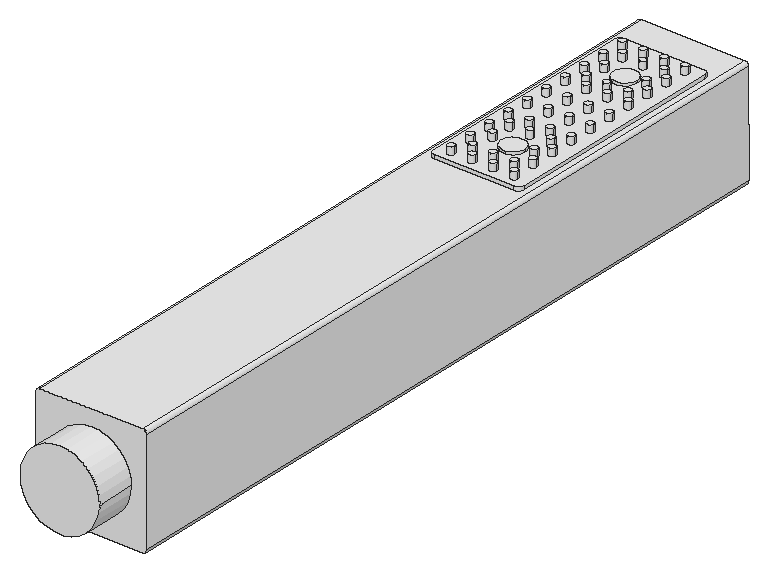
Revit family "Deca_Ducha Manual Quadrada_4806.C.QUA", category Plumbing Fixtures, host Face, Revit 2010
Parameters (values of type "4806.C.QUA_Cromado CR10")
  WFU = 0
  Vendido Separadamente = ""
  Variações de COR = "Cromado (4806.C.QUA)"  # constant formula
  URL = "www.deca.com.br/produtos"
  Segmento = "Luxo"  # constant formula
  Raio Ponto de Agua = 7.5 mm  # constant formula
  Produto = "Ducha manual Quadrada"  # constant formula
  Pressão = "2 a 40 mca"  # constant formula
  Peso Liquido (Kg) = 0.21
  Norma = "ABNT NBR 15206:2005"  # constant formula
  Model = Código  # "4806.C.QUA"
  Material = "Deca_Latão Cromado e Plástico de Engenharia"  # constant formula
  Manufacturer = "Deca"  # constant formula
  Louça/Metais = "Metal"  # constant formula
  Linha = "Quadrada"  # constant formula
  Informações Complementares = "Recomendável com pressão mínima de 4 m.c.a para aquecedor de passagem e de 2 m.c.a. para aquecedor de acumulação"  # constant formula
  HWFU = 0
  Flow Pressure = 0.00 psi
  Ducha Manual = Deca CR10 Cromado Metal
  Diâmetro Ponto de Agua = Raio Ponto de Agua * 2  # 15 mm
  Description = "Ducha  manual"  # constant formula
  Default Elevation = 2000 mm
  Código = "4806.C.QUA"
  Criado por = "Contino/quattroD"  # constant formula
  Consumo = "Varia com a pressão (consultar catálogo)"  # constant formula
  Atendimento ao Cliente = "0800-0117073"  # constant formula
  Assembly Code = "D2010700"
  Aprovado por = "Contino/quattroD"  # constant formula
  Acompanha o Produto = ""
Reference planes
  plane 1 "Center (Front/Back)": y = 0
  plane 2: z = 0
  plane 3 "Center (Left/Right)": x = 0
  plane 4 "Right 1": x = 14
  plane 5 "Left 1": x = -14
  plane 6 "Front 2": z = 80.125
  plane 7 "Top 1": y = 130.87
  plane 8 "Top 2": y = 200
  plane 9 "Front 1": z = 49.625
Forms (mm)
  Extrusion 1, solid, material "Deca CR10 Cromado Metal" <- "Ducha Manual"
    sketch origin (0, 0, 0) x (1, 0, 0) y (0, 0, 1)
      loop
        line (-14, 76.625) -> (-14, 50.625)
        arc (-14, 50.625) -> (-13.707, 49.918) -> (-13, 49.625) r 1
        line (-13, 49.625) -> (13, 49.625)
        arc (13, 49.625) -> (13.707, 49.918) -> (14, 50.625) r 1
        line (14, 50.625) -> (14, 76.625)
        arc (14, 76.625) -> (13.707, 77.332) -> (13, 77.625) r 1
        line (13, 77.625) -> (-13, 77.625)
        arc (-13, 77.625) -> (-13.707, 77.332) -> (-14, 76.625) r 1
    from -200 to -10
  Extrusion 2, solid, material "Deca CR10 Cromado Metal" <- "Ducha Manual"
    sketch origin (0, 0, 0) x (1, 0, 0) y (0, 0, 1)
      loop
        circle (0, 63.625) r 10
    from -10 to 0
  Extrusion 3, solid, material "Deca CR10 Cromado Metal" <- "Ducha Manual"
    sketch origin (0, 0, 0) x (1, 0, 0) y (0, 1, 0)
      loop
        arc (-10, 190.87) -> (-11.061, 190.431) -> (-11.5, 189.37) r 1.5
        line (-11.5, 189.37) -> (-11.5, 132.37)
        arc (-11.5, 132.37) -> (-11.061, 131.309) -> (-10, 130.87) r 1.5
        line (-10, 130.87) -> (10, 130.87)
        arc (10, 130.87) -> (11.061, 131.309) -> (11.5, 132.37) r 1.5
        line (11.5, 132.37) -> (11.5, 189.37)
        arc (11.5, 189.37) -> (11.061, 190.431) -> (10, 190.87) r 1.5
        line (10, 190.87) -> (-10, 190.87)
    from 77.625 to 78.425
  Extrusion 4, solid, material "Deca CR10 Cromado Metal" <- "Ducha Manual"
    sketch origin (0, 0, 0) x (1, 0, 0) y (0, 1, 0)
      loop
        circle (0, 143.155) r 3
      loop
        circle (0, 178.585) r 3
    from 78.425 to 78.936
  Extrusion 5, solid, material "Deca CR10 Cromado Metal" <- "Ducha Manual"
    sketch origin (0.02, 0, 0) x (1, 0, 0) y (0, 1, 0)
      loop
        circle (-8.093, 187.759) r 0.855
      loop
        circle (-2.793, 187.759) r 0.855
      loop
        circle (2.507, 187.759) r 0.855
      loop
        circle (7.807, 187.759) r 0.855
      loop
        circle (-8.093, 181.759) r 0.855
      loop
        circle (7.807, 181.759) r 0.855
      loop
        circle (-8.093, 175.759) r 0.855
      loop
        circle (7.807, 175.759) r 0.855
      loop
        circle (-8.093, 169.759) r 0.855
      loop
        circle (-2.793, 169.759) r 0.855
      loop
        circle (2.507, 169.759) r 0.855
      loop
        circle (7.807, 169.759) r 0.855
      loop
        circle (-8.093, 163.759) r 0.855
      loop
        circle (-2.793, 163.759) r 0.855
      loop
        circle (2.507, 163.759) r 0.855
      loop
        circle (7.807, 163.759) r 0.855
      loop
        circle (-8.093, 157.759) r 0.855
      loop
        circle (-2.793, 157.759) r 0.855
      loop
        circle (2.507, 157.759) r 0.855
      loop
        circle (7.807, 157.759) r 0.855
      loop
        circle (-8.093, 151.759) r 0.855
      loop
        circle (-2.793, 151.759) r 0.855
      loop
        circle (2.507, 151.759) r 0.855
      loop
        circle (7.807, 151.759) r 0.855
      loop
        circle (-8.093, 145.759) r 0.855
      loop
        circle (7.807, 145.759) r 0.855
      loop
        circle (-8.093, 139.759) r 0.855
      loop
        circle (7.807, 139.759) r 0.855
      loop
        circle (-8.093, 133.729) r 0.855
      loop
        circle (-2.793, 133.729) r 0.855
      loop
        circle (2.507, 133.729) r 0.855
      loop
        circle (7.807, 133.729) r 0.855
      loop
        circle (-5.223, 184.215) r 0.855
      loop
        circle (-0.019, 184.215) r 0.855
      loop
        circle (5.321, 184.215) r 0.855
      loop
        circle (-5.223, 178.593) r 0.855
      loop
        circle (5.321, 178.593) r 0.855
      loop
        circle (-5.223, 172.814) r 0.855
      loop
        circle (-0.019, 172.814) r 0.855
      loop
        circle (5.321, 172.814) r 0.855
      loop
        circle (-5.223, 148.516) r 0.855
      loop
        circle (-0.019, 148.516) r 0.855
      loop
        circle (5.321, 148.516) r 0.855
      loop
        circle (-5.223, 143.141) r 0.855
      loop
        circle (5.321, 143.141) r 0.855
      loop
        circle (-5.223, 136.901) r 0.855
      loop
        circle (-0.019, 136.901) r 0.855
      loop
        circle (5.321, 136.901) r 0.855
    from 78.425 to 80.125
Cuts and joins
  joined: Extrusion 1, Extrusion 2, Extrusion 3, Extrusion 4, Extrusion 5
Lines and regions (mm)
  Masking region 1
    outline origin (-282.69, -33.463, 0) x (1, 0, 0) y (0, 1, 0)
      loop
        line (268.69, 232.463) -> (268.69, 44.463)
        arc (268.69, 44.463) -> (268.983, 43.756) -> (269.69, 43.463) r 1
        line (269.69, 43.463) -> (272.69, 43.463) -> (272.69, 34.463) -> (273.69, 33.463) -> (291.69, 33.463) -> (292.69, 34.463) -> (292.69, 43.463) -> (295.69, 43.463)
        arc (295.69, 43.463) -> (296.397, 43.756) -> (296.69, 44.463) r 1
        line (296.69, 44.463) -> (296.69, 232.463)
        arc (296.69, 232.463) -> (296.397, 233.17) -> (295.69, 233.463) r 1
        line (295.69, 233.463) -> (269.69, 233.463)
        arc (269.69, 233.463) -> (268.983, 233.17) -> (268.69, 232.463) r 1
  Masking region 2
    outline origin (-81.212, 0, -31.817) x (1, 0, 0) y (0, 0, 1)
      loop
        arc (67.212, 82.442) -> (67.505, 81.734) -> (68.212, 81.442) r 1
        line (68.212, 81.442) -> (94.212, 81.442)
        arc (94.212, 81.442) -> (94.919, 81.734) -> (95.212, 82.442) r 1
        line (95.212, 82.442) -> (95.212, 108.442)
        arc (95.212, 108.442) -> (94.919, 109.149) -> (94.212, 109.442) r 1
        line (94.212, 109.442) -> (92.213, 109.442) -> (92.213, 110.243) -> (90.062, 110.243) -> (90.062, 111.142)
        spline (90.062, 111.142) -> (90.036, 111.349) -> (89.961, 111.542) -> (89.842, 111.707) -> (89.687, 111.834) -> (89.506, 111.914) -> (89.312, 111.942) -> (89.118, 111.914) -> (88.937, 111.834) -> (88.781, 111.707) -> (88.662, 111.542) -> (88.587, 111.349) -> (88.562, 111.142)
        line (88.562, 111.142) -> (88.562, 110.243) -> (87.166, 110.243) -> (87.166, 111.142)
        spline (87.166, 111.142) -> (87.14, 111.349) -> (87.065, 111.542) -> (86.946, 111.707) -> (86.791, 111.834) -> (86.61, 111.914) -> (86.416, 111.942) -> (86.222, 111.914) -> (86.041, 111.834) -> (85.885, 111.707) -> (85.766, 111.542) -> (85.691, 111.349) -> (85.666, 111.142)
        line (85.666, 111.142) -> (85.666, 110.243) -> (84.762, 110.243) -> (84.762, 111.142)
        spline (84.762, 111.142) -> (84.736, 111.349) -> (84.661, 111.542) -> (84.542, 111.707) -> (84.387, 111.834) -> (84.206, 111.914) -> (84.012, 111.942) -> (83.818, 111.914) -> (83.637, 111.834) -> (83.481, 111.707) -> (83.362, 111.542) -> (83.287, 111.349) -> (83.262, 111.142)
        line (83.262, 111.142) -> (83.262, 110.243) -> (81.962, 110.243) -> (81.962, 111.142)
        spline (81.962, 111.142) -> (81.936, 111.349) -> (81.861, 111.542) -> (81.742, 111.707) -> (81.587, 111.834) -> (81.406, 111.914) -> (81.212, 111.942) -> (81.018, 111.914) -> (80.837, 111.834) -> (80.681, 111.707) -> (80.562, 111.542) -> (80.487, 111.349) -> (80.462, 111.142)
        line (80.462, 111.142) -> (80.462, 110.243) -> (79.462, 110.243) -> (79.462, 111.142)
        spline (79.462, 111.142) -> (79.436, 111.349) -> (79.361, 111.542) -> (79.242, 111.707) -> (79.087, 111.834) -> (78.906, 111.914) -> (78.712, 111.942) -> (78.518, 111.914) -> (78.337, 111.834) -> (78.181, 111.707) -> (78.062, 111.542) -> (77.987, 111.349) -> (77.962, 111.142)
        line (77.962, 111.142) -> (77.962, 110.243) -> (76.625, 110.243) -> (76.625, 111.142)
        spline (76.625, 111.142) -> (76.599, 111.349) -> (76.524, 111.542) -> (76.405, 111.707) -> (76.25, 111.834) -> (76.069, 111.914) -> (75.875, 111.942) -> (75.68, 111.914) -> (75.5, 111.834) -> (75.344, 111.707) -> (75.225, 111.542) -> (75.15, 111.349) -> (75.125, 111.142)
        line (75.125, 111.142) -> (75.125, 110.243) -> (74.162, 110.243) -> (74.162, 111.142)
        spline (74.162, 111.142) -> (74.136, 111.349) -> (74.061, 111.542) -> (73.942, 111.707) -> (73.787, 111.834) -> (73.606, 111.914) -> (73.412, 111.942) -> (73.218, 111.914) -> (73.037, 111.834) -> (72.881, 111.707) -> (72.762, 111.542) -> (72.687, 111.349) -> (72.662, 111.142)
        line (72.662, 111.142) -> (72.662, 110.243) -> (70.216, 110.243) -> (70.216, 109.442) -> (68.212, 109.442)
        arc (68.212, 109.442) -> (67.505, 109.149) -> (67.212, 108.442) r 1
        line (67.212, 108.442) -> (67.212, 82.442)
  Masking region 3
    outline origin (0, -137.875, -121.732) x (0, 1, 0) y (0, 0, 1)
      loop
        arc (336.875, 171.357) -> (337.582, 171.65) -> (337.875, 172.357) r 1
        line (337.875, 172.357) -> (337.875, 198.357)
        arc (337.875, 198.357) -> (337.582, 199.064) -> (336.875, 199.357) r 1
        line (336.875, 199.357) -> (328.244, 199.357) -> (328.244, 200.157) -> (326.375, 200.157) -> (326.375, 201.104)
        arc (326.375, 201.104) -> (325.625, 201.854) -> (324.875, 201.104) r 0.75
        line (324.875, 201.104) -> (324.875, 200.157) -> (322.832, 200.157) -> (322.832, 201.104)
        arc (322.832, 201.104) -> (322.082, 201.854) -> (321.332, 201.104) r 0.75
        line (321.332, 201.104) -> (321.332, 200.157) -> (320.375, 200.157) -> (320.375, 201.104)
        arc (320.375, 201.104) -> (319.625, 201.854) -> (318.875, 201.104) r 0.75
        line (318.875, 201.104) -> (318.875, 200.157) -> (317.21, 200.157) -> (317.21, 201.104)
        arc (317.21, 201.104) -> (316.46, 201.854) -> (315.71, 201.104) r 0.75
        line (315.71, 201.104) -> (315.71, 200.157) -> (314.375, 200.157) -> (314.375, 201.104)
        arc (314.375, 201.104) -> (313.625, 201.854) -> (312.875, 201.104) r 0.75
        line (312.875, 201.104) -> (312.875, 200.157) -> (311.432, 200.157) -> (311.432, 201.104)
        arc (311.432, 201.104) -> (310.682, 201.854) -> (309.932, 201.104) r 0.75
        line (309.932, 201.104) -> (309.932, 200.157) -> (308.375, 200.157) -> (308.375, 201.104)
        arc (308.375, 201.104) -> (307.625, 201.854) -> (306.875, 201.104) r 0.75
        line (306.875, 201.104) -> (306.875, 200.157) -> (302.375, 200.157) -> (302.375, 201.104)
        arc (302.375, 201.104) -> (301.625, 201.854) -> (300.875, 201.104) r 0.75
        line (300.875, 201.104) -> (300.875, 200.157) -> (296.375, 200.157) -> (296.375, 201.104)
        arc (296.375, 201.104) -> (295.625, 201.854) -> (294.875, 201.104) r 0.75
        line (294.875, 201.104) -> (294.875, 200.157) -> (290.375, 200.157) -> (290.375, 201.104)
        arc (290.375, 201.104) -> (289.625, 201.854) -> (288.875, 201.104) r 0.75
        line (288.875, 201.104) -> (288.875, 200.157) -> (287.134, 200.157) -> (287.134, 201.104)
        arc (287.134, 201.104) -> (286.384, 201.854) -> (285.634, 201.104) r 0.75
        line (285.634, 201.104) -> (285.634, 200.157) -> (284.375, 200.157) -> (284.375, 201.104)
        arc (284.375, 201.104) -> (283.625, 201.854) -> (282.875, 201.104) r 0.75
        line (282.875, 201.104) -> (282.875, 200.157) -> (281.78, 200.157) -> (281.78, 201.104)
        arc (281.78, 201.104) -> (281.03, 201.854) -> (280.28, 201.104) r 0.75
        line (280.28, 201.104) -> (280.28, 200.157) -> (278.375, 200.157) -> (278.375, 201.104)
        arc (278.375, 201.104) -> (277.625, 201.854) -> (276.875, 201.104) r 0.75
        line (276.875, 201.104) -> (276.875, 200.157) -> (275.519, 200.157) -> (275.519, 201.104)
        arc (275.519, 201.104) -> (274.769, 201.854) -> (274.019, 201.104) r 0.75
        line (274.019, 201.104) -> (274.019, 200.157) -> (272.375, 200.157) -> (272.375, 201.104)
        arc (272.375, 201.104) -> (271.625, 201.854) -> (270.875, 201.104) r 0.75
        line (270.875, 201.104) -> (270.875, 200.157) -> (269.267, 200.157) -> (269.267, 199.357) -> (148.875, 199.357)
        arc (148.875, 199.357) -> (148.168, 199.064) -> (147.875, 198.357) r 1
        line (147.875, 198.357) -> (147.875, 195.357) -> (138.875, 195.357) -> (137.875, 194.357) -> (137.875, 176.357) -> (138.875, 175.357) -> (147.875, 175.357) -> (147.875, 172.357)
        arc (147.875, 172.357) -> (148.168, 171.65) -> (148.875, 171.357) r 1
        line (148.875, 171.357) -> (336.875, 171.357)
  symbolic lines
    curve 1: line (-10, 10, 0) -> (10, 10, 0)
    curve 2: arc (-10, 190.87, 0) -> (-11.061, 190.431, 0) -> (-11.5, 189.37, 0) r 1.5
    curve 3: line (-10, 190.87, 0) -> (10, 190.87, 0)
    curve 4: line (-11.5, 132.37, 0) -> (-11.5, 189.37, 0)
    curve 5: line (11.5, 189.37, 0) -> (11.5, 132.37, 0)
    curve 6: arc (11.5, 189.37, 0) -> (11.061, 190.431, 0) -> (10, 190.87, 0) r 1.5
    curve 7: line (10, 130.87, 0) -> (-10, 130.87, 0)
    curve 8: arc (-11, 132.37, 0) -> (-10.707, 131.663, 0) -> (-10, 131.37, 0) r 1
    curve 9: arc (-11.5, 132.37, 0) -> (-11.061, 131.309, 0) -> (-10, 130.87, 0) r 1.5
    curve 10: arc (10, 130.87, 0) -> (11.061, 131.309, 0) -> (11.5, 132.37, 0) r 1.5
    curve 11: arc (10, 131.37, 0) -> (10.707, 131.663, 0) -> (11, 132.37, 0) r 1
    curve 12: line (10, 131.37, 0) -> (-10, 131.37, 0)
    curve 13: line (11, 189.37, 0) -> (11, 132.37, 0)
    curve 14: line (-11, 132.37, 0) -> (-11, 189.37, 0)
    curve 15: circle (0, 143.155, 0) r 3 normal (0, 0, 1)
    curve 16: circle (0, 143.155, 0) r 2.8 normal (0, 0, 1)
    curve 17: arc (-10, 190.37, 0) -> (-10.707, 190.077, 0) -> (-11, 189.37, 0) r 1
    curve 18: line (-10, 190.37, 0) -> (10, 190.37, 0)
    curve 19: arc (11, 189.37, 0) -> (10.707, 190.077, 0) -> (10, 190.37, 0) r 1
    curve 20: circle (0, 178.585, 0) r 2.8 normal (0, 0, 1)
    curve 21: circle (0, 178.585, 0) r 3 normal (0, 0, 1)
    curve 22: circle (-8.1, 187.75, 0) r 0.75 normal (0, 0, 1)
    curve 23: circle (-8.1, 187.75, 0) r 0.25 normal (0, 0, 1)
    curve 24: circle (-2.8, 187.75, 0) r 0.75 normal (0, 0, 1)
    curve 25: circle (-2.8, 187.75, 0) r 0.25 normal (0, 0, 1)
    curve 26: circle (2.5, 187.75, 0) r 0.75 normal (0, 0, 1)
    curve 27: circle (2.5, 187.75, 0) r 0.25 normal (0, 0, 1)
    curve 28: circle (7.8, 187.75, 0) r 0.75 normal (0, 0, 1)
    curve 29: circle (7.8, 187.75, 0) r 0.25 normal (0, 0, 1)
    curve 30: circle (5.339, 184.207, 0) r 0.75 normal (0, 0, 1)
    curve 31: circle (5.339, 184.207, 0) r 0.25 normal (0, 0, 1)
    curve 32: circle (-0.002, 184.207, 0) r 0.75 normal (0, 0, 1)
    curve 33: circle (-0.002, 184.207, 0) r 0.25 normal (0, 0, 1)
    curve 34: circle (-5.207, 184.207, 0) r 0.75 normal (0, 0, 1)
    curve 35: circle (-5.207, 184.207, 0) r 0.25 normal (0, 0, 1)
    curve 36: circle (-8.1, 181.75, 0) r 0.75 normal (0, 0, 1)
    curve 37: circle (-8.1, 181.75, 0) r 0.25 normal (0, 0, 1)
    curve 38: circle (7.8, 181.75, 0) r 0.75 normal (0, 0, 1)
    curve 39: circle (7.8, 181.75, 0) r 0.25 normal (0, 0, 1)
    curve 40: circle (-8.1, 175.75, 0) r 0.75 normal (0, 0, 1)
    curve 41: circle (-8.1, 175.75, 0) r 0.25 normal (0, 0, 1)
    curve 42: circle (7.8, 175.75, 0) r 0.75 normal (0, 0, 1)
    curve 43: circle (7.8, 175.75, 0) r 0.25 normal (0, 0, 1)
    curve 44: circle (5.339, 178.585, 0) r 0.75 normal (0, 0, 1)
    curve 45: circle (5.339, 178.585, 0) r 0.25 normal (0, 0, 1)
    curve 46: circle (-5.207, 178.585, 0) r 0.75 normal (0, 0, 1)
    curve 47: circle (-5.207, 178.585, 0) r 0.25 normal (0, 0, 1)
    curve 48: circle (5.339, 172.807, 0) r 0.75 normal (0, 0, 1)
    curve 49: circle (5.339, 172.807, 0) r 0.25 normal (0, 0, 1)
    curve 50: circle (-0.002, 172.807, 0) r 0.75 normal (0, 0, 1)
    curve 51: circle (-0.002, 172.807, 0) r 0.25 normal (0, 0, 1)
    curve 52: circle (-5.207, 172.807, 0) r 0.75 normal (0, 0, 1)
    curve 53: circle (-5.207, 172.807, 0) r 0.25 normal (0, 0, 1)
    curve 54: circle (5.339, 148.509, 0) r 0.75 normal (0, 0, 1)
    curve 55: circle (5.339, 148.509, 0) r 0.25 normal (0, 0, 1)
    curve 56: circle (-0.002, 148.509, 0) r 0.75 normal (0, 0, 1)
    curve 57: circle (-0.002, 148.509, 0) r 0.25 normal (0, 0, 1)
    curve 58: circle (-5.207, 148.509, 0) r 0.75 normal (0, 0, 1)
    curve 59: circle (-5.207, 148.509, 0) r 0.25 normal (0, 0, 1)
    curve 60: circle (5.339, 143.155, 0) r 0.75 normal (0, 0, 1)
    curve 61: circle (5.339, 143.155, 0) r 0.25 normal (0, 0, 1)
    curve 62: circle (-5.207, 143.155, 0) r 0.75 normal (0, 0, 1)
    curve 63: circle (-5.207, 143.155, 0) r 0.25 normal (0, 0, 1)
    curve 64: circle (5.339, 136.894, 0) r 0.75 normal (0, 0, 1)
    curve 65: circle (5.339, 136.894, 0) r 0.25 normal (0, 0, 1)
    curve 66: circle (-0.002, 136.894, 0) r 0.75 normal (0, 0, 1)
    curve 67: circle (-0.002, 136.894, 0) r 0.25 normal (0, 0, 1)
    curve 68: circle (-5.207, 136.894, 0) r 0.75 normal (0, 0, 1)
    curve 69: circle (-5.207, 136.894, 0) r 0.25 normal (0, 0, 1)
    curve 70: circle (-8.1, 169.75, 0) r 0.75 normal (0, 0, 1)
    curve 71: circle (-8.1, 169.75, 0) r 0.25 normal (0, 0, 1)
    curve 72: circle (-2.8, 169.75, 0) r 0.75 normal (0, 0, 1)
    curve 73: circle (-2.8, 169.75, 0) r 0.25 normal (0, 0, 1)
    curve 74: circle (2.5, 169.75, 0) r 0.75 normal (0, 0, 1)
    curve 75: circle (2.5, 169.75, 0) r 0.25 normal (0, 0, 1)
    curve 76: circle (7.8, 169.75, 0) r 0.75 normal (0, 0, 1)
    curve 77: circle (7.8, 169.75, 0) r 0.25 normal (0, 0, 1)
    curve 78: circle (-8.1, 163.75, 0) r 0.75 normal (0, 0, 1)
    curve 79: circle (-8.1, 163.75, 0) r 0.25 normal (0, 0, 1)
    curve 80: circle (-2.8, 163.75, 0) r 0.75 normal (0, 0, 1)
    curve 81: circle (-2.8, 163.75, 0) r 0.25 normal (0, 0, 1)
    curve 82: circle (2.5, 163.75, 0) r 0.75 normal (0, 0, 1)
    curve 83: circle (2.5, 163.75, 0) r 0.25 normal (0, 0, 1)
    curve 84: circle (7.8, 163.75, 0) r 0.75 normal (0, 0, 1)
    curve 85: circle (7.8, 163.75, 0) r 0.25 normal (0, 0, 1)
    curve 86: circle (-8.1, 157.75, 0) r 0.75 normal (0, 0, 1)
    curve 87: circle (-8.1, 157.75, 0) r 0.25 normal (0, 0, 1)
    curve 88: circle (-2.8, 157.75, 0) r 0.75 normal (0, 0, 1)
    curve 89: circle (-2.8, 157.75, 0) r 0.25 normal (0, 0, 1)
    curve 90: circle (2.5, 157.75, 0) r 0.75 normal (0, 0, 1)
    curve 91: circle (2.5, 157.75, 0) r 0.25 normal (0, 0, 1)
    curve 92: circle (7.8, 157.75, 0) r 0.75 normal (0, 0, 1)
    curve 93: circle (7.8, 157.75, 0) r 0.25 normal (0, 0, 1)
    curve 94: circle (-8.1, 151.75, 0) r 0.75 normal (0, 0, 1)
    curve 95: circle (-8.1, 151.75, 0) r 0.25 normal (0, 0, 1)
    curve 96: circle (-2.8, 151.75, 0) r 0.75 normal (0, 0, 1)
    curve 97: circle (-2.8, 151.75, 0) r 0.25 normal (0, 0, 1)
    curve 98: circle (2.5, 151.75, 0) r 0.75 normal (0, 0, 1)
    curve 99: circle (2.5, 151.75, 0) r 0.25 normal (0, 0, 1)
    curve 100: circle (7.8, 151.75, 0) r 0.75 normal (0, 0, 1)
    curve 101: circle (7.8, 151.75, 0) r 0.25 normal (0, 0, 1)
    curve 102: circle (-8.1, 133.75, 0) r 0.75 normal (0, 0, 1)
    curve 103: circle (-8.1, 133.75, 0) r 0.25 normal (0, 0, 1)
    curve 104: circle (-2.8, 133.75, 0) r 0.75 normal (0, 0, 1)
    curve 105: circle (-2.8, 133.75, 0) r 0.25 normal (0, 0, 1)
    curve 106: circle (2.5, 133.75, 0) r 0.75 normal (0, 0, 1)
    curve 107: circle (2.5, 133.75, 0) r 0.25 normal (0, 0, 1)
    curve 108: circle (7.8, 133.75, 0) r 0.75 normal (0, 0, 1)
    curve 109: circle (7.8, 133.75, 0) r 0.25 normal (0, 0, 1)
    curve 110: circle (-8.1, 139.75, 0) r 0.75 normal (0, 0, 1)
    curve 111: circle (-8.1, 139.75, 0) r 0.25 normal (0, 0, 1)
    curve 112: circle (7.8, 139.75, 0) r 0.75 normal (0, 0, 1)
    curve 113: circle (7.8, 139.75, 0) r 0.25 normal (0, 0, 1)
    curve 114: circle (-8.1, 145.75, 0) r 0.75 normal (0, 0, 1)
    curve 115: circle (-8.1, 145.75, 0) r 0.25 normal (0, 0, 1)
    curve 116: circle (7.8, 145.75, 0) r 0.75 normal (0, 0, 1)
    curve 117: circle (7.8, 145.75, 0) r 0.25 normal (0, 0, 1)
    curve 118: line (-10.996, 0, 77.625) -> (11.001, 0, 77.625)
    curve 119: line (-8.55, 0, 78.426) -> (8.85, 0, 78.426)
    curve 120: line (0, 10, 53.625) -> (0, 10, 73.625)
    curve 121: line (0, 131.392, 77.625) -> (0, 190.369, 77.625)
    curve 122: line (0, 133, 78.425) -> (0, 134.5, 78.425)
    curve 123: line (0, 136.144, 78.425) -> (0, 137.644, 78.425)
    curve 124: line (0, 139, 78.425) -> (0, 140.5, 78.425)
    curve 125: line (0, 142.405, 78.425) -> (0, 143.905, 78.425)
    curve 126: line (0, 145, 78.425) -> (0, 146.5, 78.425)
    curve 127: line (0, 147.759, 78.425) -> (0, 149.259, 78.425)
    curve 128: line (0, 151, 78.425) -> (0, 152.5, 78.425)
    curve 129: line (0, 157, 78.425) -> (0, 158.5, 78.425)
    curve 130: line (0, 163, 78.425) -> (0, 164.5, 78.425)
    curve 131: line (0, 169, 78.425) -> (0, 170.5, 78.425)
    curve 132: line (0, 172.057, 78.425) -> (0, 173.557, 78.425)
    curve 133: line (0, 175, 78.425) -> (0, 176.5, 78.425)
    curve 134: line (0, 177.835, 78.425) -> (0, 179.335, 78.425)
    curve 135: line (0, 181, 78.425) -> (0, 182.5, 78.425)
    curve 136: line (0, 183.457, 78.425) -> (0, 184.957, 78.425)
    curve 137: line (0, 187, 78.425) -> (0, 188.5, 78.425)
Dimensions and locks
  plane 5 "Left 1" to plane 4 "Right 1" = 28 mm
  plane 8 "Top 2" to plane 1 "Center (Front/Back)" = 200 mm
  plane 8 "Top 2" to plane 7 "Top 1" to plane 1 "Center (Front/Back)" = 69.13 mm, 130.87 mm
  plane 4 "Right 1" to plane 5 "Left 1" = 28 mm
  plane 6 "Front 2" to host face = 80.125 mm  (x2)
  plane 6 "Front 2" to plane 9 "Front 1" to host face = 30.5 mm, 49.625 mm  (x2)
  plane 1 "Center (Front/Back)" to plane 7 "Top 1" to plane 8 "Top 2" = 130.87 mm, 69.13 mm
  plane 1 "Center (Front/Back)" to plane 8 "Top 2" = 200 mm
  aligned and locked: host face to plane 2
  aligned and locked: level to host face
  aligned and locked: plane 8 "Top 2" to Extrusion 1
  aligned and locked: plane 1 "Center (Front/Back)" to Extrusion 2
  aligned and locked: plane 6 "Front 2" to Extrusion 5
Connectors
  piping at (0, 0, 63.625), driven by "Raio Ponto de Agua", driven by "Flow Pressure"
    settings: on cut or joined group of Extrusion 1, Extrusion 2, Extrusion 3, Extrusion 4, Extrusion 5, index 1, connector radius 0.29528", flow factor 0, pipe flow 0 GPM, pressure drop 0.00 psi, fitting loss kfactor 0, connector angle 0.00°, fixture units 0, engagement length 0 mm, flow configuration 3, flow direction 1, fitting loss method 4, system type 29, joint type 0, gender type 0, connector reference index -1, connector utility 0, adjustable connector no, is connector primary yes, fitting loss table "", connector description ""
